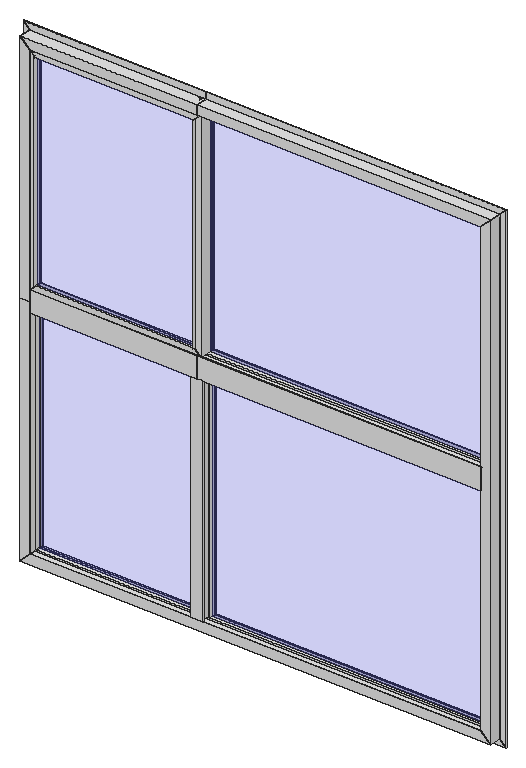
Revit family "531_OXAT_stucco-key", category Windows, host Wall, Revit 2016 (continued)
Automatic sketch dimensions
  Extrusion 4 sketch curve to Extrusion 4 sketch curve = 0.2"
  Extrusion 4 sketch curve to Extrusion 4 sketch curve = 0.02526"
  plane 19 to Extrusion 4 sketch curve = 0.155"
  Extrusion 4 sketch curve to plane 19 = 0.1249"
  Extrusion 4 sketch curve to plane 4 "Right" = 0.2"
  plane 3 "Left" to Extrusion 14 sketch curve = 1.78769"
  Extrusion 14 sketch curve to plane 22 = 0.13025"
  plane 5 "Sill" to Extrusion 14 sketch curve = 1.78769"
  Extrusion 14 sketch curve to plane 12 = 1.25265"
  plane 3 "Left" to Extrusion 15 sketch curve = 3 1/4"
  Extrusion 15 sketch curve to plane 22 = 0.59608"
  plane 5 "Sill" to Extrusion 15 sketch curve = 3 1/4"
  Extrusion 15 sketch curve to plane 12 = 1.71847"
  plane 20 to Extrusion 16 sketch curve = 1.8138"
  Extrusion 16 sketch curve to plane 26 = 1.90979"
  plane 5 "Sill" to Extrusion 16 sketch curve = 1.1"
  Extrusion 16 sketch curve to plane 12 = 0.501"
  plane 17 to Extrusion 17 sketch curve = 0.66629"
  Extrusion 17 sketch curve to plane 4 "Right" = 1.81231"
  plane 5 "Sill" to Extrusion 17 sketch curve = 1.81231"
  Extrusion 17 sketch curve to plane 12 = 1.78869"
  plane 17 to Extrusion 18 sketch curve = 0.26985"
  Extrusion 18 sketch curve to plane 4 "Right" = 1.45876"
  plane 5 "Sill" to Extrusion 18 sketch curve = 1.45876"
  Extrusion 18 sketch curve to plane 12 = 1.39224"
  plane 21 to Extrusion 19 sketch curve = 0.24262"
  plane 20 to Extrusion 19 sketch curve = 0.87504"
  plane 18 to Extrusion 19 sketch curve = 0.09358"
  Extrusion 19 sketch curve to plane 15 = 1/2"
  Extrusion 19 sketch curve to plane 26 = 2.08846"
  plane 13 to Extrusion 19 sketch curve = 1/2"
  plane 17 to Extrusion 21 sketch curve = 0.89381"
  plane 19 to Extrusion 21 sketch curve = 0.5001"
  Extrusion 21 sketch curve to Extrusion 21 sketch curve = 0.0406"
  plane 13 to Extrusion 21 sketch curve = 1/2"
  Extrusion 21 sketch curve to plane 21 = 0.501"
  Extrusion 21 sketch curve to plane 15 = 0.89281"
  Extrusion 26 sketch curve to plane 20 = 0.18914"
  Extrusion 26 sketch curve to plane 20 = 0.18114"
  Extrusion 26 sketch curve to Extrusion 26 sketch curve = 0.02526"  (x2)
  Extrusion 26 sketch curve to Extrusion 26 sketch curve = 0.07"  (x2)
  plane 20 to Extrusion 26 sketch curve = 0.00578"
  plane 20 to Extrusion 26 sketch curve = 0.00582"
  plane 20 to Extrusion 26 sketch curve = 0.00586"
  Extrusion 26 sketch curve to host wall = 0.18502"
  Extrusion 26 sketch curve to Extrusion 26 sketch curve = 0.41497"
  plane 27 "Front of glass" to Extrusion 26 sketch curve = 0.2065"
  Extrusion 26 sketch curve to Extrusion 26 sketch curve = 0.41496"
  Extrusion 26 sketch curve to plane 23 = 0.12403"
  Extrusion 26 sketch curve to Extrusion 26 sketch curve = 0.03778"
  Extrusion 26 sketch curve to plane 26 = 0.03076"
  Extrusion 26 sketch curve to plane 27 "Front of glass" = 0.00003"
  Extrusion 26 sketch curve to Extrusion 26 sketch curve = 0.37545"
  Extrusion 26 sketch curve to Extrusion 26 sketch curve = 0.2425"
  Extrusion 26 sketch curve to Extrusion 26 sketch curve = 0.0395"
  Extrusion 26 sketch curve to Extrusion 26 sketch curve = 0.47397"
  Extrusion 26 sketch curve to Extrusion 26 sketch curve = 0.1"
  Extrusion 26 sketch curve to host wall = 0.12247"
  Extrusion 26 sketch curve to Extrusion 26 sketch curve = 0.10002"
  Extrusion 26 sketch curve to plane 27 "Front of glass" = 0.03953"
  Extrusion 26 sketch curve to plane 27 "Front of glass" = 0.40343"
  Extrusion 26 sketch curve to Extrusion 26 sketch curve = 0.01012"
  Extrusion 27 sketch curve to host wall = 0"
  Extrusion 27 sketch curve to plane 22 = 0.431"
  Extrusion 27 sketch curve to plane 22 = 0.439"
  Extrusion 27 sketch curve to Extrusion 27 sketch curve = 0.02526"
  Extrusion 27 sketch curve to plane 16 = 0.50043"  (x2)
  plane 16 to Extrusion 27 sketch curve = 0.12519"
  plane 16 to Extrusion 27 sketch curve = 0.24957"
  plane 3 "Left" to Extrusion 27 sketch curve = 0.2"
  plane 3 "Left" to Extrusion 27 sketch curve = 1 1/4"
  host wall to Extrusion 27 sketch curve = 0.065"
  plane 27 "Front of glass" to Extrusion 27 sketch curve = 0.3065"
  Extrusion 27 sketch curve to plane 27 "Front of glass" = 0.3785"
  Extrusion 27 sketch curve to Extrusion 27 sketch curve = 0.065"
  Extrusion 27 sketch curve to host wall = 0.185"
  Extrusion 27 sketch curve to Extrusion 27 sketch curve = 0.65"
  Extrusion 27 sketch curve to Extrusion 27 sketch curve = 0.374"
  Extrusion 27 sketch curve to Extrusion 27 sketch curve = 0.0395"
  Extrusion 27 sketch curve to Extrusion 27 sketch curve = 0.2425"
  Extrusion 27 sketch curve to Extrusion 27 sketch curve = 0.2"
  Extrusion 27 sketch curve to Extrusion 27 sketch curve = 0.37545"
  Extrusion 27 sketch curve to Extrusion 27 sketch curve = 0.06205"
  Extrusion 29 sketch curve to plane 27 "Front of glass" = 0"
  Extrusion 29 sketch curve to host wall = 0.1225"
  Extrusion 29 sketch curve to plane 27 "Front of glass" = 0.0395"
  Extrusion 29 sketch curve to Extrusion 29 sketch curve = 0.02526"
  Extrusion 29 sketch curve to plane 14 = 1/8"
  Extrusion 29 sketch curve to plane 14 = 3/8"
  Extrusion 29 sketch curve to plane 6 "Head" = 0.2"
  Extrusion 29 sketch curve to Extrusion 29 sketch curve = 0.2"
  Extrusion 29 sketch curve to Extrusion 29 sketch curve = 0.6125"
  host wall to Extrusion 29 sketch curve = 0.065"
  Extrusion 29 sketch curve to plane 27 "Front of glass" = 0.3785"
  Extrusion 29 sketch curve to Extrusion 29 sketch curve = 0.36391"
  Extrusion 29 sketch curve to Extrusion 29 sketch curve = 0.065"
  plane 25 to Extrusion 30 sketch curve = 0.438"
  Extrusion 30 sketch curve to Extrusion 30 sketch curve = 0.02526"
  plane 14 to Extrusion 30 sketch curve = 1/2"
  Extrusion 30 sketch curve to plane 14 = 1/8"
  Extrusion 30 sketch curve to Extrusion 30 sketch curve = 0.2"  (x2)
  Extrusion 30 sketch curve to Extrusion 30 sketch curve = 0.0395"
  Extrusion 30 sketch curve to Extrusion 30 sketch curve = 0.374"
  Extrusion 30 sketch curve to host wall = 0.185"
  host wall to Extrusion 30 sketch curve = 0.065"
  Extrusion 30 sketch curve to plane 27 "Front of glass" = 0.3785"
  Extrusion 30 sketch curve to plane 27 "Front of glass" = 0.4435"
  Extrusion 32 sketch curve to plane 20 = 0.11914"
  plane 23 to Extrusion 32 sketch curve = 0.16397"
  Extrusion 32 sketch curve to plane 26 = 1.00573"
  Extrusion 32 sketch curve to plane 10 "Hbs" = 0.64"
  Extrusion 32 sketch curve to plane 21 = 0.501"
  Extrusion 32 sketch curve to plane 15 = 1/2"
  Extrusion 33 sketch curve to plane 20 = 0.11914"
  plane 23 to Extrusion 33 sketch curve = 0.12597"
  Extrusion 33 sketch curve to plane 26 = 0.36842"
  plane 25 to Extrusion 33 sketch curve = 1/2"
  plane 14 to Extrusion 33 sketch curve = 1/2"
  Extrusion 33 sketch curve to plane 6 "Head" = 0.35"
  plane 3 "Left" to Extrusion 45 sketch curve = 2.49016"
  Extrusion 45 sketch curve to plane 22 = 2.25157"
  plane 25 to Extrusion 45 sketch curve = 2.24797"
  Extrusion 45 sketch curve to plane 6 "Head" = 2.49016"
  plane 3 "Left" to Extrusion 46 sketch curve = 1.30025"
  Extrusion 46 sketch curve to plane 22 = 2.42835"
  plane 25 to Extrusion 46 sketch curve = 2.42475"
  Extrusion 46 sketch curve to plane 6 "Head" = 1.30025"
  plane 17 to Extrusion 47 sketch curve = 0.83736"
  plane 25 to Extrusion 47 sketch curve = 0.83376"
  Extrusion 47 sketch curve to plane 4 "Right" = 1.96447"
  Extrusion 47 sketch curve to plane 6 "Head" = 1.96447"
  plane 17 to Extrusion 48 sketch curve = 1.01414"
  Extrusion 48 sketch curve to plane 4 "Right" = 1.89135"
  plane 25 to Extrusion 48 sketch curve = 1.01064"
  Extrusion 48 sketch curve to plane 6 "Head" = 1.89124"
  plane 19 to Extrusion 49 sketch curve = 0.5001"
  Extrusion 49 sketch curve to plane 4 "Right" = 1.35"
  plane 13 to Extrusion 49 sketch curve = 2.29027"
  Extrusion 49 sketch curve to plane 15 = 1.82673"
  Extrusion 50 sketch curve to plane 16 = 0.50043"
  Extrusion 50 sketch curve to plane 22 = 0.79282"
  Extrusion 50 sketch curve to plane 10 "Hbs" = 0.5541"
  Extrusion 50 sketch curve to plane 21 = 0.501"
  Extrusion 50 sketch curve to plane 15 = 0.75121"
  plane 3 "Left" to Extrusion 51 sketch curve = 1.1"
  Extrusion 51 sketch curve to plane 16 = 0.50043"
  Extrusion 51 sketch curve to plane 22 = 0.8786"
  plane 13 to Extrusion 51 sketch curve = 0.78"
  Extrusion 51 sketch curve to plane 21 = 0.501"
  Extrusion 51 sketch curve to plane 15 = 0.837"
  plane 26 to Extrusion 53 sketch curve = 0"
  Extrusion 53 sketch curve to plane 20 = 0.11914"
  plane 23 to Extrusion 53 sketch curve = 0.16397"
  plane 13 to Extrusion 53 sketch curve = 1/2"
  Extrusion 53 sketch curve to plane 21 = 0.501"
  Extrusion 53 sketch curve to plane 15 = 1/2"
  Extrusion 54 sketch curve to plane 26 = 0"
  Extrusion 54 sketch curve to plane 6 "Head" = 0"
  Extrusion 54 sketch curve to plane 20 = 0.11914"
  plane 23 to Extrusion 54 sketch curve = 0.12597"
  plane 14 to Extrusion 54 sketch curve = 1/2"
  plane 25 to Extrusion 54 sketch curve = 1/2"
  curve 41 to curve 39 = 2 1/2"  (x2)
  curve 39 to curve 41 = 0"  (x2)
  curve 35 to curve 42 = 1 1/2"
  curve 35 to curve 43 = 2 1/2"
  curve 50 to curve 48 = 2 1/2"
  curve 48 to curve 49 = 2 1/2"
  curve 50 to curve 48 = 0"
  curve 48 to curve 50 = 0"
  curve 44 to curve 51 = 1 1/2"
  curve 47 to curve 52 = 2 1/2"
  curve 59 to curve 57 = 0"
  curve 57 to curve 58 = 2 1/2"
  curve 59 to curve 57 = 2 1/2"
  curve 57 to curve 59 = 0"
  curve 53 to curve 60 = 1 1/2"
  curve 53 to curve 61 = 2 1/2"
  curve 65 to curve 69 = 2 1/2"
  curve 70 to curve 67 = 2"
  curve 73 to curve 72 = 0"
  curve 74 to curve 78 = 2 1/2"
  curve 79 to curve 77 = 2"
  curve 82 to curve 81 = 0"
  curve 86 to curve 87 = 2 1/2"
  curve 88 to curve 83 = 2"
  curve 91 to curve 90 = 0"
  plane 25 to Extrusion 30 sketch curve = 1/2"
  Extrusion 30 sketch curve to Extrusion 30 sketch curve = 0.2425"
  Extrusion 30 sketch curve to Extrusion 30 sketch curve = 0.744"
  Extrusion 52 sketch curve to Extrusion 52 sketch curve = 0.74397"
  Extrusion 25 sketch curve to Extrusion 25 sketch curve = 0.2425"
  Extrusion 25 sketch curve to Extrusion 25 sketch curve = 1.1865"
  Extrusion 25 sketch curve to plane 27 "Front of glass" = 0"
  plane 27 "Front of glass" to Extrusion 22 sketch curve = 0.744"
  Extrusion 22 sketch curve to plane 27 "Front of glass" = 0"
  Extrusion 1 sketch curve to plane 12 = 0.501"
  Extrusion 23 sketch curve to host wall = 0.1225"
  Extrusion 24 sketch curve to plane 27 "Front of glass" = 0"  (x2)
  Extrusion 24 sketch curve to plane 21 = 0.501"
  plane 27 "Front of glass" to Extrusion 24 sketch curve = 0.744"
  Extrusion 28 sketch curve to plane 27 "Front of glass" = 0"
  Extrusion 29 sketch curve to Extrusion 29 sketch curve = 0.46326"
  Extrusion 29 sketch curve to Extrusion 29 sketch curve = 1/2"
  Extrusion 27 sketch curve to Extrusion 27 sketch curve = 0.07"
  Extrusion 27 sketch curve to Extrusion 27 sketch curve = 0.744"
  Extrusion 26 sketch curve to Extrusion 26 sketch curve = 0.744"
  Extrusion 4 sketch curve to Extrusion 4 sketch curve = 0.345"
  Extrusion 4 sketch curve to Extrusion 4 sketch curve = 0.46326"
  Extrusion 2 sketch curve to host wall = 0.1225"
  Extrusion 3 sketch curve to Extrusion 3 sketch curve = 0.46326"
  curve 62 to plane 22 = 0.68529"
Types (113): name | XW | Vbs | MLW2 | MLW1 | Interior Color | Height | HBS | Exterior Color | Width
  (no name) | 36" | 60" | 6" | 7 1/2" | White | 96" | 48" | White | 96"
  48x36 | 24" | 24" | 2 1/4" | 3" | none | 36" | 18" | none | 48"
  72x60 | 36" | 36" | 3 3/4" | 4 1/2" | none | 60" | 30" | none | 72"
  24x24Min | 24" | 12" | 1 1/2" | 1 1/2" | none | 24" | 12" | none | 24"
  96x96Max | 36" | 60" | 6" | 7 1/2" | White | 96" | 48" | White | 96"
  36x36 | 24" | 18" | 2 1/4" | 2 1/4" | none | 36" | 18" | none | 36"
  60x60 | 30" | 30" | 3 3/4" | 3 3/4" | none | 60" | 30" | none | 60"
  84x84 | 36" | 48" | 5 1/4" | 6" | none | 84" | 42" | none | 84"
  24x30 | 24" | 12" | 1 7/8" | 1 1/2" | none | 30" | 15" | none | 24"
  24x36 | 24" | 12" | 2 1/4" | 1 1/2" | none | 36" | 18" | none | 24"
  24x42 | 24" | 12" | 2 5/8" | 1 1/2" | none | 42" | 21" | none | 24"
  24x48 | 24" | 12" | 3" | 1 1/2" | none | 48" | 24" | none | 24"
  24x54 | 24" | 12" | 3 3/4" | 1 1/2" | none | 54" | 24" | none | 24"
  30x24 | 24" | 15" | 1 1/2" | 1 7/8" | none | 24" | 12" | none | 30"
  30x30 | 24" | 15" | 2 1/4" | 1 7/8" | none | 30" | 12" | none | 30"
  30x36 | 24" | 15" | 2 1/4" | 1 7/8" | none | 36" | 18" | none | 30"
  30x42 | 24" | 15" | 3" | 1 7/8" | none | 42" | 18" | none | 30"
  30x48 | 24" | 15" | 3" | 1 7/8" | none | 48" | 24" | none | 30"
  30x60 | 24" | 15" | 3 3/4" | 1 7/8" | none | 60" | 30" | none | 30"
  30x54 | 24" | 15" | 3 3/4" | 1 7/8" | none | 54" | 24" | none | 30"
  36x24 | 24" | 18" | 1 1/2" | 2 1/4" | none | 24" | 12" | none | 36"
  36x30 | 24" | 18" | 2 1/4" | 2 1/4" | none | 30" | 12" | none | 36"
  36x42 | 24" | 18" | 3" | 2 1/4" | none | 42" | 18" | none | 36"
  36x48 | 24" | 18" | 3" | 2 1/4" | none | 48" | 24" | none | 36"
  36x54 | 24" | 18" | 3 3/4" | 2 1/4" | none | 54" | 24" | none | 36"
  36x60 | 24" | 18" | 3 3/4" | 2 1/4" | none | 60" | 30" | none | 36"
  36x66 | 24" | 18" | 4 1/2" | 2 1/4" | none | 66" | 30" | none | 36"
  36x72 | 24" | 18" | 4 1/2" | 2 1/4" | none | 72" | 36" | none | 36"
  42x30 | 24" | 21" | 1 7/8" | 2 5/8" | none | 30" | 15" | none | 42"
  42x36 | 24" | 21" | 2 1/4" | 2 5/8" | none | 36" | 18" | none | 42"
  42x42 | 24" | 21" | 3" | 2 5/8" | none | 42" | 18" | none | 42"
  42x48 | 24" | 21" | 3" | 2 5/8" | none | 48" | 24" | none | 42"
  42x54 | 24" | 21" | 3 3/4" | 2 5/8" | none | 54" | 24" | none | 42"
  42x60 | 24" | 21" | 3 3/4" | 2 5/8" | none | 60" | 30" | none | 42"
  42x66 | 24" | 21" | 4 1/2" | 2 5/8" | none | 66" | 30" | none | 42"
  42x72 | 24" | 21" | 4 1/2" | 2 5/8" | none | 72" | 36" | none | 42"
  48x42 | 24" | 24" | 3" | 3" | none | 42" | 18" | none | 48"
  48x48 | 24" | 24" | 3" | 3" | none | 48" | 24" | none | 48"
  48x54 | 24" | 24" | 3 3/4" | 3" | none | 54" | 24" | none | 48"
  48x60 | 24" | 24" | 3 3/4" | 3" | none | 60" | 30" | none | 48"
  48x66 | 24" | 24" | 4 1/2" | 3" | none | 66" | 30" | none | 48"
  48x72 | 24" | 24" | 4 1/2" | 3" | none | 72" | 36" | none | 48"
  48x78 | 24" | 24" | 5 1/4" | 3" | none | 78" | 36" | none | 48"
  54x36 | 27" | 27" | 2 1/4" | 3 3/8" | none | 36" | 18" | none | 54"
  54x42 | 27" | 27" | 3" | 3 3/8" | none | 42" | 18" | none | 54"
  54x48 | 27" | 27" | 3" | 3 3/8" | none | 48" | 24" | none | 54"
  54x54 | 27" | 27" | 3 3/4" | 3 3/8" | none | 54" | 24" | none | 54"
  54x60 | 27" | 27" | 3 3/4" | 3 3/8" | none | 60" | 30" | none | 54"
  54x66 | 27" | 27" | 4 1/2" | 3 3/8" | none | 66" | 30" | none | 54"
  54x72 | 27" | 27" | 4 1/2" | 3 3/8" | none | 72" | 36" | none | 54"
  54x78 | 27" | 27" | 5 1/4" | 3 3/8" | none | 78" | 36" | none | 54"
  54x84 | 27" | 27" | 5 1/4" | 3 3/8" | none | 84" | 42" | none | 54"
  60x42 | 30" | 30" | 3" | 3 3/4" | none | 42" | 18" | none | 60"
  60x48 | 30" | 30" | 3" | 3 3/4" | none | 48" | 24" | none | 60"
  60x54 | 30" | 30" | 3 3/4" | 3 3/4" | none | 54" | 24" | none | 60"
  60x66 | 30" | 30" | 4 1/2" | 3 3/4" | none | 66" | 30" | none | 60"
  60x72 | 30" | 30" | 4 1/2" | 3 3/4" | none | 72" | 36" | none | 60"
  60x78 | 30" | 30" | 5 1/4" | 3 3/4" | none | 78" | 36" | none | 60"
  60x84 | 30" | 30" | 5 1/4" | 3 3/4" | none | 84" | 42" | none | 60"
  60x90 | 30" | 30" | 6" | 3 3/4" | none | 90" | 42" | none | 60"
  66x42 | 33" | 33" | 3" | 4 1/8" | none | 42" | 18" | none | 66"
  66x48 | 33" | 33" | 3" | 4 1/8" | none | 48" | 24" | none | 66"
  66x54 | 33" | 33" | 3 3/4" | 4 1/8" | none | 54" | 24" | none | 66"
  66x60 | 33" | 33" | 3 3/4" | 4 1/8" | none | 60" | 30" | none | 66"
  66x66 | 33" | 33" | 4 1/2" | 4 1/8" | none | 66" | 30" | none | 66"
  66x72 | 33" | 33" | 4 1/2" | 4 1/8" | none | 72" | 36" | none | 66"
  66x78 | 33" | 33" | 5 1/4" | 4 1/8" | none | 78" | 36" | none | 66"
  66x84 | 33" | 33" | 5 1/4" | 4 1/8" | none | 84" | 42" | none | 66"
  66x90 | 33" | 33" | 6" | 4 1/8" | none | 90" | 42" | none | 66"
  66x96 | 33" | 33" | 6" | 4 1/8" | none | 96" | 48" | none | 66"
  72x48 | 36" | 36" | 3" | 4 1/2" | none | 48" | 24" | none | 72"
  72x54 | 36" | 36" | 3 3/4" | 4 1/2" | none | 54" | 24" | none | 72"
  72x66 | 36" | 36" | 4 1/2" | 4 1/2" | none | 66" | 30" | none | 72"
  72x72 | 36" | 36" | 4 1/2" | 4 1/2" | none | 72" | 36" | none | 72"
  72x78 | 36" | 36" | 5 1/4" | 4 1/2" | none | 78" | 36" | none | 72"
  72x84 | 36" | 36" | 5 1/4" | 4 1/2" | none | 84" | 42" | none | 72"
  72x90 | 36" | 36" | 6" | 4 1/2" | none | 90" | 42" | none | 72"
  72x96 | 36" | 36" | 6" | 4 1/2" | none | 96" | 48" | none | 72"
  78x48 | 36" | 42" | 3" | 5 1/4" | none | 48" | 24" | none | 78"
  78x54 | 36" | 42" | 3 3/4" | 5 1/4" | none | 54" | 24" | none | 78"
  78x60 | 36" | 42" | 3 3/4" | 5 1/4" | none | 60" | 30" | none | 78"
  78x66 | 36" | 42" | 4 1/2" | 5 1/4" | none | 66" | 30" | none | 78"
  78x72 | 36" | 42" | 4 1/2" | 5 1/4" | none | 72" | 36" | none | 78"
  78x78 | 36" | 42" | 5 1/4" | 5 1/4" | none | 78" | 36" | none | 78"
  78x84 | 36" | 42" | 5 1/4" | 5 1/4" | none | 84" | 42" | none | 78"
  78x90 | 36" | 42" | 6" | 5 1/4" | none | 90" | 42" | none | 78"
  78x96 | 36" | 42" | 6" | 5 1/4" | none | 96" | 48" | none | 78"
  84x42 | 36" | 48" | 3" | 6" | none | 42" | 18" | none | 84"
  84x48 | 36" | 48" | 3" | 6" | none | 48" | 24" | none | 84"
  84x54 | 36" | 48" | 3 3/4" | 6" | none | 54" | 24" | none | 84"
  84x60 | 36" | 48" | 3 3/4" | 6" | none | 60" | 30" | none | 84"
  84x66 | 36" | 48" | 4 1/2" | 6" | none | 66" | 30" | none | 84"
  84x72 | 36" | 48" | 4 1/2" | 6" | none | 72" | 36" | none | 84"
  84x78 | 36" | 48" | 5 1/4" | 6" | none | 78" | 36" | none | 84"
  84x90 | 36" | 48" | 6" | 6" | none | 90" | 42" | none | 84"
  84x96 | 36" | 48" | 6" | 6" | none | 96" | 48" | none | 84"
  90x48 | 36" | 54" | 3" | 6 3/4" | none | 48" | 24" | none | 90"
  90x54 | 36" | 54" | 3 3/4" | 6 3/4" | none | 54" | 24" | none | 90"
  90x60 | 36" | 54" | 3" | 6 3/4" | none | 54" | 30" | none | 90"
  90x66 | 36" | 54" | 4 1/2" | 6 3/4" | none | 66" | 30" | none | 90"
  90x72 | 36" | 54" | 4 1/2" | 6 3/4" | none | 72" | 36" | none | 90"
  90x78 | 36" | 54" | 5 1/4" | 6 3/4" | none | 78" | 36" | none | 90"
  90x84 | 36" | 54" | 4 1/2" | 6 3/4" | none | 78" | 42" | none | 90"
  90x90 | 36" | 54" | 6" | 6 3/4" | none | 90" | 42" | none | 90"
  90x96 | 36" | 54" | 6" | 6 3/4" | none | 96" | 48" | none | 90"
  96x48 | 36" | 60" | 3" | 7 1/2" | none | 48" | 24" | none | 96"
  96x54 | 36" | 60" | 3 3/4" | 7 1/2" | none | 54" | 24" | none | 96"
  96x60 | 36" | 60" | 3 3/4" | 7 1/2" | none | 60" | 30" | none | 96"
  96x66 | 36" | 60" | 4 1/2" | 7 1/2" | none | 66" | 30" | none | 96"
  96x72 | 36" | 60" | 4 1/2" | 7 1/2" | none | 72" | 36" | none | 96"
  96x78 | 36" | 60" | 5 1/4" | 7 1/2" | none | 78" | 36" | none | 96"
  96x84 | 36" | 60" | 5 1/4" | 7 1/2" | none | 84" | 42" | none | 96"
  96x90 | 36" | 60" | 6" | 7 1/2" | none | 90" | 42" | none | 96"
